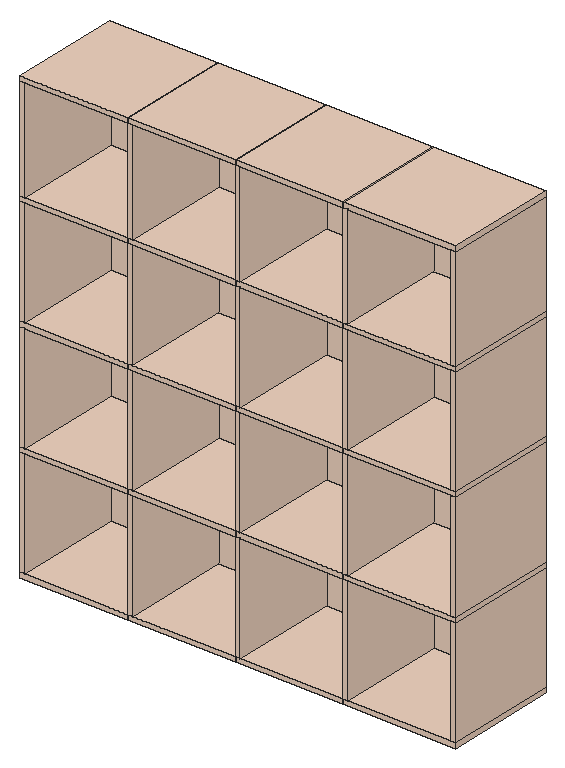
Revit family
Parameters
  Width = 1' 0" * Number of Cubbies Across  # 4' - 0"
  Warranty Duration (Years) = 0
  Unit Height = Height * Number of Cubbies High  # 4' - 0"
  Unit 9 Vis = Number of Cubbies High > 2  # yes
  Unit 8 Vis = and(Number of Cubbies Across > 3, Number of Cubbies High > 1)  # yes
  Unit 7 Vis = and(Number of Cubbies Across > 2, Number of Cubbies High > 1)  # yes
  Unit 6 Vis = and(Number of Cubbies Across > 1, Number of Cubbies High > 1)  # yes
  Unit 5 Vis = Number of Cubbies High > 1  # yes
  Unit 4 Vis = Number of Cubbies Across > 3  # yes
  Unit 3 Vis = Number of Cubbies Across > 2  # yes
  Unit 2 Vis = Number of Cubbies Across > 1  # yes
  Unit 16 Vis = and(Number of Cubbies Across > 3, Number of Cubbies High > 3)  # yes
  Unit 15 Vis = and(Number of Cubbies Across > 2, Number of Cubbies High > 3)  # yes
  Unit 14 Vis = and(Number of Cubbies Across > 1, Number of Cubbies High > 3)  # yes
  Unit 13 Vis = Number of Cubbies High > 3  # yes
  Unit 12 Vis = and(Number of Cubbies Across > 3, Number of Cubbies High > 2)  # yes
  Unit 11 Vis = and(Number of Cubbies Across > 2, Number of Cubbies High > 2)  # yes
  Unit 10 Vis = and(Number of Cubbies Across > 1, Number of Cubbies High > 2)  # yes
  URL = "http://www.asilockers.com/"
  Specification = "http://www.arcat.com/sdspecs/htm/10503asi.htm"
  Send Message = "http://www.arcat.com/users.pl?action=UserEmail&company=ASI%20Storage%20Solutions%20Inc.&coid=42798&rep=139&fax=901-312-6197&mf="
  Sales Information = "http://www.asilockers.com/company.html"
  Row 3 Top Panel Vis = Number of Cubbies High = 3  # no
  Row 2 Top Panel Vis = Number of Cubbies High = 2  # no
  Row 1 Top Panel Vis = Number of Cubbies High = 1  # no
  Revision = "R1_08-2010"
  Product Properties = "http://www.arcat.com/bim/bim_info.pl?fn=ASIStorage"
  Product Data = "http://www.arcat.com/arcatcos/cos42/arc42798.html"
  Number of Cubbies High = 4
  Number of Cubbies Across = 4
  Model = "As Specified in 10 51 13"
  Manufacturer Website = "http://www.asilockers.com/"
  Manufacturer Phone = "901-312-6195 "
  Manufacturer Fax = "901-312-6197"
  Manufacturer Address = "4444 Delp St., Memphis, TN 38118"
  Manufacturer = "ASI Storage Solutions Inc."
  Maintenance Schedule (Months) = 0
  Keynote = "10 51 13"
  Installation-Fabrication = "http://www.asilockers.com/installation-assembly/installation.pdf"
  Installation Phase = ""
  Height = 1' - 0"
  Finish = "HDPE"
  Expected Lifespan (Years) = 0
  Drawn By = "Robert S. Weygant, CSI, CDT, SCIP"
  Description = "As Specified in 10 51 13"
  Depth = 1' - 0"
  Copyright = "2010, ARCAT, Inc"
  Construction Details = "http://www.asilockers.com/installation-assembly/one-page-assembly.pdf"
  Color Chart = "http://www.asilockers.com/color-guide.html"
  Color [instance] = Plastic - Ivory Essence Speckle #9500
  Assembly Code = "E2010200"
Reference planes (in)
  plane 1 "Center (Front/Back)": y = 0
  plane 2 "Bottom": z = 0
  plane 3 "Right": x = 0
  plane 4 "Front": y = -6
  plane 5 "Back": y = 6
  plane 6 "General Ref 1": z = 12
  plane 7 "General Ref 2": z = 24
  plane 8 "General Ref 3": z = 36
Dimensions and locks (in)
  equal spacing: plane 5 "Back", plane 1 "Center (Front/Back)", plane 4 "Front"
  "Depth": plane 5 "Back" to plane 4 "Front"
  "Height": plane 6 "General Ref 1" to level
  "Height": plane 7 "General Ref 2" to plane 6 "General Ref 1"
  "Height": plane 8 "General Ref 3" to plane 7 "General Ref 2"
  aligned and locked: plane 6 "General Ref 1" to nested 5
  aligned and locked: plane 6 "General Ref 1" to nested 6
  aligned and locked: plane 6 "General Ref 1" to nested 7
  aligned and locked: plane 6 "General Ref 1" to nested 8
  aligned and locked: plane 7 "General Ref 2" to nested 9
  aligned and locked: plane 7 "General Ref 2" to nested 10
  aligned and locked: plane 7 "General Ref 2" to nested 11
  aligned and locked: plane 7 "General Ref 2" to nested 12
  aligned and locked: plane 8 "General Ref 3" to nested 13
  aligned and locked: plane 8 "General Ref 3" to nested 14
  aligned and locked: plane 8 "General Ref 3" to nested 15
  aligned and locked: plane 8 "General Ref 3" to nested 16
Nested families (in)
  nested 1: "Cubby_Shelf_Unit_ASI" at (-6, 0, 0), Color <- "Color", Has Top Panel <- "Row 1 Top Panel Vis", type "Cubby_Shelf_Unit_ASI"
    with Top Bottom Panel Right Insets 0' - 0", Left Right Panel Top Insets 0' - 0", Has Top Panel no, Has Right Panel yes, Color Plastic - Ivory Essence Speckle #9500
  nested 2: "Cubby_Shelf_Unit_ASI" at (-17.5, 0, 0), Color <- "Color", visible <- "Unit 2 Vis", Has Top Panel <- "Row 1 Top Panel Vis", type "Cubby_Shelf_Unit_ASI"
    with Top Bottom Panel Right Insets 0' - 0 1/2", Left Right Panel Top Insets 0' - 0", Has Top Panel no, Has Right Panel no, Color Plastic - Ivory Essence Speckle #9500
  nested 3: "Cubby_Shelf_Unit_ASI" at (-29, 0, 0), Color <- "Color", visible <- "Unit 3 Vis", Has Top Panel <- "Row 1 Top Panel Vis", type "Cubby_Shelf_Unit_ASI"
    with Top Bottom Panel Right Insets 0' - 0 1/2", Left Right Panel Top Insets 0' - 0", Has Top Panel no, Has Right Panel no, Color Plastic - Ivory Essence Speckle #9500
  nested 4: "Cubby_Shelf_Unit_ASI" at (-40.5, 0, 0), Color <- "Color", visible <- "Unit 4 Vis", Has Top Panel <- "Row 1 Top Panel Vis", type "Cubby_Shelf_Unit_ASI"
    with Top Bottom Panel Right Insets 0' - 0 1/2", Left Right Panel Top Insets 0' - 0", Has Top Panel no, Has Right Panel no, Color Plastic - Ivory Essence Speckle #9500
  nested 5: "Cubby_Shelf_Unit_ASI" at (-6, 0, 12), Color <- "Color", visible <- "Unit 5 Vis", Has Top Panel <- "Row 2 Top Panel Vis", type "Cubby_Shelf_Unit_ASI"
    with Top Bottom Panel Right Insets 0' - 0", Left Right Panel Top Insets 0' - 0", Has Top Panel no, Has Right Panel yes, Color Plastic - Ivory Essence Speckle #9500
  nested 6: "Cubby_Shelf_Unit_ASI" at (-17.5, 0, 12), Color <- "Color", visible <- "Unit 6 Vis", Has Top Panel <- "Row 2 Top Panel Vis", type "Cubby_Shelf_Unit_ASI"
    with Top Bottom Panel Right Insets 0' - 0 1/2", Left Right Panel Top Insets 0' - 0", Has Top Panel no, Has Right Panel no, Color Plastic - Ivory Essence Speckle #9500
  nested 7: "Cubby_Shelf_Unit_ASI" at (-29, 0, 12), Color <- "Color", visible <- "Unit 7 Vis", Has Top Panel <- "Row 2 Top Panel Vis", type "Cubby_Shelf_Unit_ASI"
    with Top Bottom Panel Right Insets 0' - 0 1/2", Left Right Panel Top Insets 0' - 0", Has Top Panel no, Has Right Panel no, Color Plastic - Ivory Essence Speckle #9500
  nested 8: "Cubby_Shelf_Unit_ASI" at (-40.5, 0, 12), Color <- "Color", visible <- "Unit 8 Vis", Has Top Panel <- "Row 2 Top Panel Vis", type "Cubby_Shelf_Unit_ASI"
    with Top Bottom Panel Right Insets 0' - 0 1/2", Left Right Panel Top Insets 0' - 0", Has Top Panel no, Has Right Panel no, Color Plastic - Ivory Essence Speckle #9500
  nested 9: "Cubby_Shelf_Unit_ASI" at (-6, 0, 24), Color <- "Color", visible <- "Unit 9 Vis", Has Top Panel <- "Row 3 Top Panel Vis", type "Cubby_Shelf_Unit_ASI"
    with Top Bottom Panel Right Insets 0' - 0", Left Right Panel Top Insets 0' - 0", Has Top Panel no, Has Right Panel yes, Color Plastic - Ivory Essence Speckle #9500
  nested 10: "Cubby_Shelf_Unit_ASI" at (-17.5, 0, 24), Color <- "Color", visible <- "Unit 10 Vis", Has Top Panel <- "Row 3 Top Panel Vis", type "Cubby_Shelf_Unit_ASI"
    with Top Bottom Panel Right Insets 0' - 0 1/2", Left Right Panel Top Insets 0' - 0", Has Top Panel no, Has Right Panel no, Color Plastic - Ivory Essence Speckle #9500
  nested 11: "Cubby_Shelf_Unit_ASI" at (-29, 0, 24), Color <- "Color", visible <- "Unit 11 Vis", Has Top Panel <- "Row 3 Top Panel Vis", type "Cubby_Shelf_Unit_ASI"
    with Top Bottom Panel Right Insets 0' - 0 1/2", Left Right Panel Top Insets 0' - 0", Has Top Panel no, Has Right Panel no, Color Plastic - Ivory Essence Speckle #9500
  nested 12: "Cubby_Shelf_Unit_ASI" at (-40.5, 0, 24), Color <- "Color", visible <- "Unit 12 Vis", Has Top Panel <- "Row 3 Top Panel Vis", type "Cubby_Shelf_Unit_ASI"
    with Top Bottom Panel Right Insets 0' - 0 1/2", Left Right Panel Top Insets 0' - 0", Has Top Panel no, Has Right Panel no, Color Plastic - Ivory Essence Speckle #9500
  nested 13: "Cubby_Shelf_Unit_ASI" at (-6, 0, 36), Color <- "Color", visible <- "Unit 13 Vis", type "Cubby_Shelf_Unit_ASI"
    with Top Bottom Panel Right Insets 0' - 0", Left Right Panel Top Insets 0' - 0 1/2", Has Top Panel yes, Has Right Panel yes, Color Plastic - Ivory Essence Speckle #9500
  nested 14: "Cubby_Shelf_Unit_ASI" at (-17.5, 0, 36), Color <- "Color", visible <- "Unit 14 Vis", type "Cubby_Shelf_Unit_ASI"
    with Top Bottom Panel Right Insets 0' - 0 1/2", Left Right Panel Top Insets 0' - 0 1/2", Has Top Panel yes, Has Right Panel no, Color Plastic - Ivory Essence Speckle #9500
  nested 15: "Cubby_Shelf_Unit_ASI" at (-29, 0, 36), Color <- "Color", visible <- "Unit 15 Vis", type "Cubby_Shelf_Unit_ASI"
    with Top Bottom Panel Right Insets 0' - 0 1/2", Left Right Panel Top Insets 0' - 0 1/2", Has Top Panel yes, Has Right Panel no, Color Plastic - Ivory Essence Speckle #9500
  nested 16: "Cubby_Shelf_Unit_ASI" at (-40.5, 0, 36), Color <- "Color", visible <- "Unit 16 Vis", type "Cubby_Shelf_Unit_ASI"
    with Top Bottom Panel Right Insets 0' - 0 1/2", Left Right Panel Top Insets 0' - 0 1/2", Has Top Panel yes, Has Right Panel no, Color Plastic - Ivory Essence Speckle #9500
Definition of nested family "Cubby_Shelf_Unit_ASI"
  Parameters
    Width = 1' - 0"
    Warranty Duration (Years) = 0
    URL = "http://www.asilockers.com/"
    Top Bottom Panel Right Insets [instance] = if(Has Right Panel, 0' 0", 0' 0 1/2")  # 0' - 0"
    Specification = "http://www.arcat.com/sdspecs/htm/10503asi.htm"
    Send Message = "http://www.arcat.com/users.pl?action=UserEmail&company=ASI%20Storage%20Solutions%20Inc.&coid=42798&rep=139&fax=901-312-6197&mf="
    Sales Information = "http://www.asilockers.com/company.html"
    Revision = "R1_08-2010"
    Product Properties = "http://www.arcat.com/bim/bim_info.pl?fn=ASIStorage"
    Product Data = "http://www.arcat.com/arcatcos/cos42/arc42798.html"
    Model = "As Specified in 10 51 13"
    Manufacturer Website = "http://www.asilockers.com/"
    Manufacturer Phone = "901-312-6195 "
    Manufacturer Fax = "901-312-6197"
    Manufacturer Address = "4444 Delp St., Memphis, TN 38118"
    Manufacturer = "ASI Storage Solutions Inc."
    Maintenance Schedule (Months) = 0
    Left Right Panel Top Insets [instance] = if(Has Top Panel, 0' 0 1/2", 0' 0")  # 0' - 0 1/2"
    Keynote = "10 51 13"
    Installation-Fabrication = "http://www.asilockers.com/installation-assembly/installation.pdf"
    Installation Phase = ""
    Height = 1' - 0"
    Has Top Panel [instance] = yes
    Has Right Panel [instance] = yes
    Finish = "HDPE"
    Expected Lifespan (Years) = 0
    Drawn By = "Robert S. Weygant, CSI, CDT, SCIP"
    Description = "As Specified in 10 51 13"
    Depth = 1' - 0"
    Copyright = "2010, ARCAT, Inc"
    Construction Details = "http://www.asilockers.com/installation-assembly/one-page-assembly.pdf"
    Color Chart = "http://www.asilockers.com/color-guide.html"
    Color [instance] = Plastic - Ivory Essence Speckle #9500
    Assembly Code = "E2010200"
  Reference planes (in)
    plane 1 "Center (Front/Back)": y = 0
    plane 2 "Bottom": z = 0
    plane 3 "Center (Left/Right)": x = 0
    plane 4 "Front": y = -6
    plane 5 "Back": y = 6
    plane 6 "Left": x = -6
    plane 7 "Right": x = 6
    plane 8 "Top": z = 12
  Forms (in)
    Extrusion 1, solid, material "Plastic - Ivory Essence Speckle #9500" <- "Color", visible <- "Has Top Panel"
      sketch origin (0, 0, 0) x (1, 0, 0) y (0, 0, 1)
        loop
          line (-6, 12) -> (-6, 11.5) -> (6, 11.5) -> (6, 12) -> (-6, 12)
      from -6 to 6
    Extrusion 2, solid, material "Plastic - Ivory Essence Speckle #9500" <- "Color"
      sketch origin (0, 6, 0) x (-1, 0, 0) y (0, 0, 1)
        loop
          line (5.5, 11.5) -> (-5.5, 11.5) -> (-5.5, 0.5) -> (5.5, 0.5) -> (5.5, 11.5)
      from 0 to -0.5
    Extrusion 3, solid, material "Plastic - Ivory Essence Speckle #9500" <- "Color", visible <- "Has Right Panel"
      sketch origin (0, 0, 0) x (1, 0, 0) y (0, 0, 1)
        loop
          line (5.5, 11.5) -> (5.5, 0.5) -> (6, 0.5) -> (6, 11.5) -> (5.5, 11.5)
      from -6 to 6
    Extrusion 4, solid, material "Plastic - Ivory Essence Speckle #9500" <- "Color"
      sketch origin (0, 0, 0) x (-1, 0, 0) y (0, 0, -1)
        loop
          line (5.5, -11.5) -> (6, -11.5) -> (6, -0.5) -> (5.5, -0.5) -> (5.5, -11.5)
      from -6 to 6
    Extrusion 5, solid, material "Plastic - Ivory Essence Speckle #9500" <- "Color"
      sketch origin (0, 0, 0) x (1, 0, 0) y (0, 0, 1)
        loop
          line (6, 0) -> (6, 0.5) -> (-6, 0.5) -> (-6, 0) -> (6, 0)
      from -6 to 6
  Lines and regions (in)
    reference lines
      curve 1: line (6, 0, 0) -> (6, 0, 21.5)
      curve 2: line (-6, 0, 11.5) -> (10.5, 0, 11.5)
  Dimensions and locks (in)
    equal spacing: plane 6 "Left", plane 3 "Center (Left/Right)", plane 7 "Right"
    equal spacing: plane 5 "Back", plane 1 "Center (Front/Back)", plane 4 "Front"
    "Width": plane 6 "Left" to plane 7 "Right"
    "Depth": plane 5 "Back" to plane 4 "Front"
    "Height": plane 8 "Top" to level
    plane 4 "Front" to Extrusion 1 = 0' - 0"
    locked: Extrusion 2 to plane 5 "Back" at 0.5
    "Top Bottom Panel Right Insets": plane 7 "Right" to curve 1
    "Left Right Panel Top Insets": plane 8 "Top" to curve 2
    aligned and locked: Extrusion 2 to Extrusion 4
    aligned and locked: Extrusion 3 to plane 4 "Front"
    aligned and locked: plane 5 "Back" to Extrusion 3
    aligned and locked: Extrusion 4 to plane 4 "Front"
    aligned and locked: plane 5 "Back" to Extrusion 4
    aligned and locked: Extrusion 1 to plane 6 "Left"
    aligned and locked: Extrusion 4 to Extrusion 5
    aligned and locked: Extrusion 5 to plane 6 "Left"
    aligned and locked: Extrusion 3 to Extrusion 2
    aligned and locked: plane 5 "Back" to Extrusion 1
    aligned and locked: plane 5 "Back" to Extrusion 5
    aligned and locked: Extrusion 1 to plane 4 "Front"
    aligned and locked: Extrusion 5 to plane 4 "Front"
    aligned and locked: curve 1 to Extrusion 1
    aligned and locked: Extrusion 5 to curve 1
    aligned and locked: Extrusion 3 to curve 2
    aligned and locked: Extrusion 4 to curve 2
    aligned and locked: Extrusion 2 to curve 2
    aligned and locked: Extrusion 2 to Extrusion 3
  Automatic sketch dimensions
    Extrusion 1 sketch curve to plane 8 "Top" = 0' - 0"
    plane 6 "Left" to Extrusion 1 sketch curve = 0' - 0"
    Extrusion 1 sketch curve to plane 8 "Top" = 0' - 0 1/2"
    level to Extrusion 2 sketch curve = 0' - 0 1/2"
    plane 6 "Left" to Extrusion 2 sketch curve = 0' - 0 1/2"
    Extrusion 2 sketch curve to plane 8 "Top" = 0' - 0 1/2"
    level to Extrusion 3 sketch curve = 0' - 0 1/2"
    Extrusion 3 sketch curve to plane 7 "Right" = 0' - 0"
    Extrusion 3 sketch curve to plane 8 "Top" = 0' - 0 1/2"
    Extrusion 4 sketch curve to level = 0' - 0 1/2"
    plane 8 "Top" to Extrusion 4 sketch curve = 0' - 0 1/2"
    Extrusion 4 sketch curve to plane 6 "Left" = 0' - 0"
    Extrusion 4 sketch curve to Extrusion 4 sketch curve = 0' - 0 1/2"
    Extrusion 5 sketch curve to level = 0' - 0"
    plane 6 "Left" to Extrusion 5 sketch curve = 0' - 0"
    level to Extrusion 5 sketch curve = 0' - 0 1/2"
    Extrusion 1 sketch curve to plane 7 "Right" = 0' - 0"
    Extrusion 2 sketch curve to plane 7 "Right" = 0' - 0 1/2"
    Extrusion 3 sketch curve to Extrusion 3 sketch curve = 0' - 0 1/2"
    Extrusion 5 sketch curve to plane 7 "Right" = 0' - 0"
    curve 2 to plane 6 "Left" = 0' - 0"
    curve 1 to level = 0' - 0"
    plane 7 "Right" to curve 2 = 0' - 4 1/2"
    plane 8 "Top" to curve 1 = 0' - 9 1/2"
